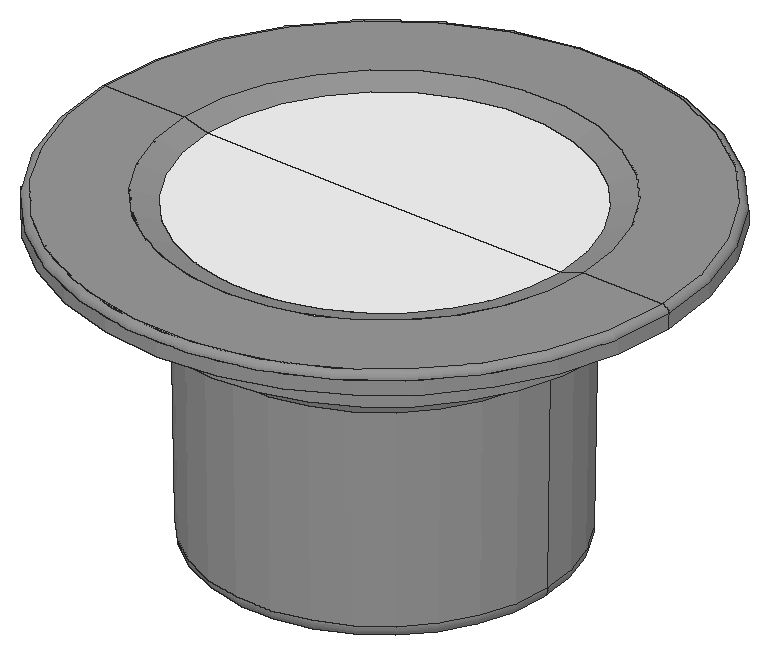
Revit family "0005387", category Lighting Fixtures, host Face, Revit 2017
Family settings
  Host = Face
  Round Connector Dimension = Use Diameter
  Part Type = Normal
  OmniClass Number = 23.80.70.00
  OmniClass Title = Lighting
  Cut with Voids When Loaded = No
  Light Source = Yes
  Shared = No
  Room Calculation Point = No
Parameters (values of type "0005387 ST E SPT 450LM 3-CCT D IP44 WH 4000K")
  Weight = "0.72 kg"
  Wattage Comments = ""
  Wattage = 6 W
  WarrantyStartDate [instance] = "n/a"
  WarrantyGuarantorParts = "n/a"
  WarrantyDurationUnit = "n/a"
  WarrantyDurationParts = "n/a"
  WarrantyDescription = "n/a"
  built-in parameter 1150110 = 1 (stored number, unit not read)
  Voltage = 0 V
  URL = "http://www.sylvania-lighting.com"
  TypeName = "START ECO SPOT 450LM 3-CCT DIM IP44 WH"
  Type Image = <None>
  Type Comments = "n/a"
  built-in parameter 1114217 = 1 (stored number, unit not read)
  Tilt Angle = -90.00°
  built-in parameter 1150109 = 1 (stored number, unit not read)
  built-in parameter 1150134 = 1
  built-in parameter 1150113 = 1 (stored number, unit not read)
  SerialNumber [instance] = "n/a"
  Photometric Web File = "0005387_4000.ies"
  Material_3_SYL = none
  PowerFactor = 0.8
  PowerConsumption = "6 W"
  NominalLength = 87 mm
  NominalHeight = 47 mm
  NominalDepth = 87 mm
  Name = "START ECO SPOT 450LM 3-CCT DIM IP44 WH"
  ModelReference = Name  # "START ECO SPOT 450LM 3-CCT DIM IP44 WH"
  ModelNumber = "0005387"
  Model = Name  # "START ECO SPOT 450LM 3-CCT DIM IP44 WH"
  Material = "abs plastic housing, pc polycarbonate diffuser"
  ManufacturerName = "Feilo Sylvania"
  Manufacturer = "Feilo Sylvania"
  LuminousEfficacy = "75 lm/W"
  built-in parameter 1150105 = 410.49 (stored number, unit not read)
  Lumens = 450 lm
  LuminaireType = ""
  built-in parameter 1150115 = 1 (stored number, unit not read)
  LightOutputRatio = "n/a"
  built-in parameter 1150137 = (empty or 0)
  built-in parameter 1150139 = (empty or 0)
  LampsType = Lamp  # "LED"
  LampNominalLuminous = "450 lm"
  LampMacAdamStep = "6"
  LampColourTemperature = "4000 K"
  LampColourRenderingIndex = "80"
  built-in parameter 1150112 = 1 (stored number, unit not read)
  built-in parameter 1150114 = 1 (stored number, unit not read)
  Lamp = "LED"
  Keynote = "16500"
  InstallationDate [instance] = "n/a"
  InputVoltage = "n/a"
  InputNominalFrequency = "n/a"
  built-in parameter 1150132 = (empty or 0)
  built-in parameter 1150102 = (empty or 0)
  built-in parameter 1150107 = 6500 (stored number, unit not read)
  built-in parameter 1150138 = (empty or 0)
  IngressProtection = "IP44/20"
  ImpactProtectionIndex = "IK03"
  built-in parameter 1150106 = 4.1049 (stored number, unit not read)
  IfcExportType = "IfcLightFixtureType"
  IfcExportAs = "IfcLightFixtureType"
  Emit from Circle Diameter = 54 mm
  Emit Shape Visible in Rendering = no
  ElectricShockClassification = "Class II"
  built-in parameter 1150104 = 6.9677 (stored number, unit not read)
  DocumentationLiterature = "http://www.sylvania-lighting.com/product/en-int/products/0005387"
  DimmingControlOptions = "n/a"
  Material_2_SYL = Diffuser-Sylvania
  Dimming Lamp Color Temperature Shift = <None>
  Description = "Integrated LED recessed spotlight, vertical tilt 30°, RAL9016 colour, 450lm, 6.0W, phase dimmable, 3000K/4000K/6500K, 38° degree beam angle, ABS plastic white body, low profile 47mm recessed depth, IP44 from the front, IK03, loop-in/loop-out terminals for fast wiring, 87mm bezel diameter, 68-74mm cutout, clear lens. Additional silver bezel included in the packaging. Lifetime: 30.000 hours at L70. Energy Class: A++, A+, A."
  Default Elevation = 1219.2 mm
  CreatedOn = "2/26/2021"
  CreatedBy = "@sylvania-lighting.com"
  Cost = 0
  Color Filter = 16777215
  built-in parameter 1114216 [instance] = (empty or 0)
  ClassificationValue = "EF_70_80"
  ClassificationName = "Uniclass2015"
  Material_1_SYL = Plastic, Opaque White
  BarCode [instance] = "n/a"
  built-in parameter 1114218 = 1 (stored number, unit not read)
  built-in parameter 1150133 = 10 (stored number, unit not read)
  AssetType = "Fixed"
  AssetIdentifier [instance] = "n/a"
  Assembly Code = "D5020200"
  Apparent Load = 6 VA
  Material_4_SYL = none
Types (3, lengths in mm): name | Photometric Web File | LampColourTemperature
  0005387 ST E SPT 450LM 3-CCT D IP44 WH 6500K | "0005387_6500.ies" | "6500 K"
  0005387 ST E SPT 450LM 3-CCT D IP44 WH 3000K | "0005387_3000.ies" | "3000 K"
  0005387 ST E SPT 450LM 3-CCT D IP44 WH 4000K | "0005387_4000.ies" | "4000 K"
Reference planes
  plane 1 "Center (Front/Back)": y = 0
  plane 2: z = 0
  plane 3 "Center (Left/Right)": x = 0
  plane 4: x = -35
  plane 5: z = -100
  plane 6: z = 3
  plane 7: x = -43.5
  plane 8: z = 2
  plane 9: x = -42.5
  plane 10: x = -30.5
  plane 11: x = -27
  plane 12: x = -33
  plane 13: z = -7.5
  plane 14: z = -9.5
  plane 15: x = -25.5
  plane 16: z = -12.5
  plane 17: z = -44
  plane 18: x = -25
Forms (mm)
  Revolve 1, void
    sketch origin (0, 0, 0) x (1, 0, 0) y (0, 0, 1)
      loop
        line (0, 0) -> (-35, 0) -> (-35, -100) -> (0, -100) -> (0, 0)
      axis (0, 0) -> (0, -100)
    angle from 360 to 0
  Revolve 2, solid, material "Plastic, Opaque White" <- "Material_1_SYL"
    sketch origin (0, 0, 0) x (1, 0, 0) y (0, 0, 1)
      loop
        line (0, 2) -> (-27, 2) -> (-30.5, 3) -> (-42.5, 3)
        arc (-42.5, 3) -> (-43.207, 2.707) -> (-43.5, 2) r 1
        line (-43.5, 2) -> (-43.5, 0) -> (-33, 0) -> (-33, -7.5) -> (-27, -7.5) -> (-27, -9.5) -> (-25.5, -12.5) -> (-25.031, -42.032)
        arc (-25.031, -42.032) -> (-24.434, -43.425) -> (-23.031, -44) r 2
        line (-23.031, -44) -> (0, -44) -> (0, 2)
      axis (0, 3) -> (0, -44)
    angle from 360 to 0
Lines and regions (mm)
  reference lines
    curve 1: line (-25, 0, -44) -> (-25.5, 0, -12.5)
Dimensions and locks
  locked: plane 3 "Center (Left/Right)" to plane 4 at 35
  locked: plane 2 to plane 5 at 100
  locked: plane 6 to plane 2 at 3
  locked: plane 3 "Center (Left/Right)" to plane 7 at 43.5
  locked: plane 6 to plane 8 at 1
  locked: plane 9 to plane 7 at 1
  locked: plane 3 "Center (Left/Right)" to plane 10 at 30.5
  locked: plane 3 "Center (Left/Right)" to plane 11 at 27
  locked: plane 3 "Center (Left/Right)" to plane 12 at 33
  locked: plane 2 to plane 13 at 7.5
  locked: plane 13 to plane 14 at 2
  locked: plane 3 "Center (Left/Right)" to plane 15 at 25.5
  locked: plane 14 to plane 16 at 3
  locked: plane 6 to plane 17 at 47
  locked: plane 3 "Center (Left/Right)" to plane 18 at 25
  aligned and locked: plane 2 to host face
  aligned and locked: level to host face
  aligned and locked: Revolve 1 sketch curve to plane 3 "Center (Left/Right)"
  aligned and locked: level to Revolve 1 sketch curve
  aligned and locked: plane 3 "Center (Left/Right)" to Revolve 1 sketch curve
  aligned and locked: Revolve 1 sketch curve to plane 4
  aligned and locked: plane 5 to Revolve 1 sketch curve
  aligned and locked: plane 3 "Center (Left/Right)" to Revolve 2 sketch curve  (x2)
  aligned and locked: Revolve 2 sketch curve to plane 8
  aligned and locked: plane 6 to Revolve 2 sketch curve
  aligned and locked: Revolve 2 sketch curve to plane 6
  aligned and locked: level to Revolve 2 sketch curve
  aligned and locked: Revolve 2 sketch curve to plane 7
  aligned and locked: plane 12 to Revolve 2 sketch curve
  aligned and locked: Revolve 2 sketch curve to level
  aligned and locked: Revolve 2 sketch curve to plane 12
  aligned and locked: plane 13 to Revolve 2 sketch curve
  aligned and locked: plane 9 to Revolve 2 sketch curve
  aligned and locked: plane 8 to Revolve 2 sketch curve
  aligned and locked: plane 14 to Revolve 2 sketch curve
  aligned and locked: Revolve 2 sketch curve to plane 11
  aligned and locked: plane 15 to Revolve 2 sketch curve
  aligned and locked: plane 17 to Revolve 2 sketch curve
  aligned and locked: plane 18 to curve 1
  aligned and locked: plane 17 to curve 1
  aligned and locked: plane 16 to curve 1
  aligned and locked: plane 15 to curve 1
  aligned and locked: Revolve 2 sketch curve to curve 1
  aligned and locked: plane 3 "Center (Left/Right)" to imposter light
  aligned and locked: imposter light to plane 8
  aligned and locked: imposter light to plane 1 "Center (Front/Back)"
Connectors
  electrical at (0, 0, 0), driven by "Apparent Load", driven by "PowerFactor", driven by "Voltage"
    settings: index 1, voltage 0 V, apparent load 6 VA, apparent load phase1 0 VA, apparent load phase2 0 VA, apparent load phase3 0 VA, power factor 0.8, load classification "Lighting", number of poles 1, system type 30, power factor state 1, is connector primary yes, connector utility no, sub classification motor no, connector description ""
